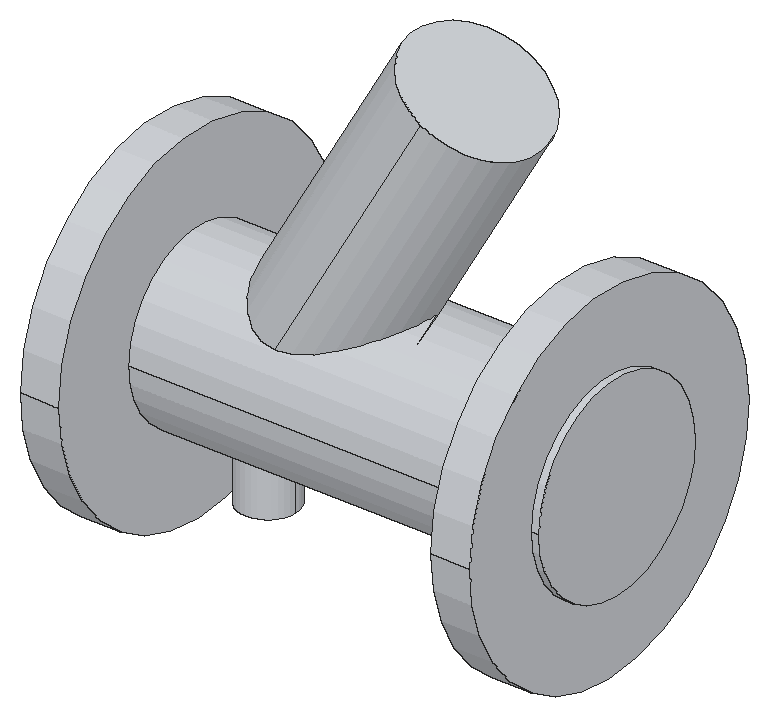
Revit family "HS 821-síto_standard-PN16-DN040-RFA_2018", category Pipe Accessories, Revit 2018
Family settings
  Round Connector Dimension = Use Diameter
  Part Type = Breaks Into
  Work Plane-Based = No
  Always vertical = Yes
  Cut with Voids When Loaded = No
  Shared = No
Parameters (values of type "821A-DN040-PN16-síto_standard")
  magiProductId = "d106917c74724141a10440112d0102"
  magiProductFamilyId = "79214ac3aaa945e397802f559f5c1e"
  magiPartTypeId = 307
  isMeasuringValve [instance] = no
  ang2D [instance] = 0.00°
  ZB__ve = -ZB  # -24.5 mm
  ZB1 = 34.02 mm
  ZB = 24.5 mm
  X2 = 75.777 mm
  X1 = 28 mm
  W2D = 15 mm
  VersionID = "2.0/2017.9.26.1/ZETKAMA_821_001"
  Use Minimum Symbol Size [instance] = yes
  URL = "www.hydronix.cz"
  Type Comments = "Filtr přírubový; síto standardní; A-PN16 (-10~300°C); D-PN25 (-10~350°C); F-PN40 (-10~400°C)"
  S = 84 mm
  QmdConnectorList = "301;D;302;D"
  Productdata [instance] = ""
  Manufacturer = "Hydronix"
  MC Product Code = "200 140 (821A; DN040; PN16; kvs37,7; oko síta 1,00mm)"
  LM1 = 16 mm
  LM = 160 mm
  L4 = 50 mm
  L2D_Min = 3048 mm
  L2D = 130 mm
  L2 = 100 mm
  HH2 = 131.25 mm
  FD = 150 mm
  Description = "Filtr přírubový; síto standardní; 821A-PN16; 821D-PN25; 821F-PN40"
  DM1 = 60 mm
  DM = 75.6 mm
  D = 40 mm
  CC = 3.4 mm
  CAT0 = yes
  C1 = 16.6 mm
  C = 20 mm
  BD = 23.814 mm
Types (40, lengths in mm): name | magiProductId | ZB__ve | ZB1 | ZB | X2 | X1 | S | MC Product Code | LM1 | LM | L4 | L2 | HH2 | FD | DM1 | DM | D | CC | C1 | C | BD
  821A-DN015-PN16-síto_standard | "a71bcfe8b393460598b23e8ddf7dc5" | -16.25 | 18.63 | 16.25 | 46.982 | 18.2 | 46 | "200 115 (821A; DN015; PN16; kvs6,3; oko síta 1,00mm)" | 10.4 | 104 | 32.5 | 65 | 81.375 | 95 | 27.6 | 41.4 | 15 | 2.21 | 10.79 | 13 | 13.041
  821A-DN020-PN16-síto_standard | "41cd6c7a12924f4991217528336076" | -17.75 | 22.68 | 17.75 | 51.673 | 21 | 56 | "200 120 (821A; DN020; PN16; kvs11,2; oko síta 1,00mm)" | 12 | 120 | 37.5 | 75 | 89.5 | 105 | 33.6 | 50.4 | 20 | 2.55 | 12.45 | 15 | 15.876
  821A-DN025-PN16-síto_standard | "be378b463ed14c3abf4c9b3ae8cf3a" | -19.25 | 26.325 | 19.25 | 58.601 | 22.4 | 65 | "200 125 (821A; DN025; PN16; kvs14,7; oko síta 1,00mm)" | 12.8 | 128 | 40 | 80 | 101.5 | 115 | 43.2 | 58.5 | 25 | 2.72 | 13.28 | 16 | 18.427
  821A-DN032-PN16-síto_standard | "227a0d18b21540afabe8b6067d35fa" | -23 | 30.78 | 23 | 68.849 | 25.2 | 76 | "200 132 (821A; DN032; PN16; kvs23,7; oko síta 1,00mm)" | 14.4 | 144 | 45 | 90 | 119.25 | 140 | 50.4 | 68.4 | 32 | 3.06 | 14.94 | 18 | 21.546
  821A-DN040-PN16-síto_standard | "d106917c74724141a10440112d0102" | -24.5 | 34.02 | 24.5 | 75.777 | 28 | 84 | "200 140 (821A; DN040; PN16; kvs37,7; oko síta 1,00mm)" | 16 | 160 | 50 | 100 | 131.25 | 150 | 60 | 75.6 | 40 | 3.4 | 16.6 | 20 | 23.814
  821A-DN050-PN16-síto_standard | "8255d456a09e4f6486734f5dd9171b" | -26.75 | 40.095 | 26.75 | 79.061 | 32.2 | 99 | "200 150 (821A; DN050 PN16; kvs57,9; oko síta 1,00mm)" | 18.4 | 184 | 57.5 | 115 | 136.938 | 165 | 73.8 | 89.1 | 50 | 3.91 | 19.09 | 23 | 28.066
  821A-DN065-PN16-síto_standard | "235b1b3e4c0843779a4d5e3716d40a" | -29.75 | 47.79 | 29.75 | 86.927 | 40.6 | 118 | "200 165 (821A; DN065; PN16; kvs101,5; oko síta 1,25mm)" | 23.2 | 232 | 72.5 | 145 | 150.562 | 185 | 94.2 | 106.2 | 65 | 4.93 | 24.07 | 29 | 33.453
  821A-DN080-PN16-síto_standard | "a067f7c5236348ed8c820d16df7214" | -32 | 53.46 | 32 | 104.753 | 43.4 | 132 | "200 180 (821A; DN080; PN16; kvs147,4; oko síta 1,25mm)" | 24.8 | 248 | 77.5 | 155 | 181.438 | 200 | 107.4 | 118.8 | 80 | 5.27 | 25.73 | 31 | 37.422
  821A-DN100-PN16-síto_standard | "c49a648c2747461285837d643703cd" | -35 | 63.18 | 35 | 114.857 | 49 | 156 | "200 190 (821A; DN100; PN16; kvs209,6; oko síta 1,60mm)" | 28 | 280 | 87.5 | 175 | 198.937 | 220 | 131.4 | 140.4 | 100 | 5.95 | 29.05 | 35 | 44.226
  821A-DN125-PN16-síto_standard | "bf68e728a163493cbd2a663b26ebdc" | -39.5 | 74.52 | 39.5 | 131.888 | 56 | 184 | "200 191 (821A; DN125; PN16; kvs326,2; oko síta 1,60mm)" | 32 | 320 | 100 | 200 | 228.438 | 250 | 165 | 165.6 | 125 | 6.8 | 33.2 | 40 | 52.164
  821A-DN150-PN16-síto_standard | "2de770284b654863ae6bc865769dc5" | -44.75 | 85.455 | 44.75 | 155.885 | 67.2 | 211 | "200 192 (821A; DN150; PN16; kvs403; oko síta 1,60mm)" | 38.4 | 384 | 120 | 240 | 270 | 285 | 192 | 189.9 | 150 | 8.16 | 39.84 | 48 | 59.818
  821A-DN200-PN16-síto_standard | "8e5693371ab64aabb29a7f08c76e15" | -53 | 107.73 | 53 | 188.361 | 84 | 266 | "200 193 (821A; DN200; PN16; kvs707; oko síta 1,60mm)" | 48 | 480 | 150 | 300 | 326.25 | 340 | 252 | 239.4 | 200 | 10.2 | 49.8 | 60 | 75.411
  821A-DN250-PN16-síto_standard | "05e37ed948c34047acdd4c42556504" | -62.75 | 129.195 | 62.75 | 255.911 | 102.2 | 319 | "200 194 (821A; DN250; PN16; kvs1234; oko síta 1,60mm)" | 58.4 | 584 | 182.5 | 365 | 443.25 | 405 | 309.6 | 287.1 | 250 | 12.41 | 60.59 | 73 | 90.436
  821A-DN300-PN16-síto_standard | "9ad0af747269428da925480d83ce80" | -71 | 149.85 | 71 | 325.914 | 119 | 370 | "200 195 (821A; DN300; PN16; kvs1916; oko síta 1,60mm)" | 68 | 680 | 212.5 | 425 | 564.5 | 460 | 369.6 | 333 | 300 | 14.45 | 70.55 | 85 | 104.895
  821A-DN350-PN16-síto_standard | "eebc71459bb3451bb4355e7951370a" | -80 | 173.745 | 80 | 356.875 | 137.2 | 429 | "200 196 (821A; DN350; PN16; kvs2621; oko síta 1,60mm)" | 78.4 | 784 | 245 | 490 | 618.125 | 520 | 438 | 386.1 | 350 | 16.66 | 81.34 | 98 | 121.621
  821A-DN400-PN16-síto_standard | "d2f677cb196647e385b2590e7d8abe" | -89 | 194.4 | 89 | 392.237 | 154 | 480 | "200 197 (821A; DN400; PN16; kvs3460; oko síta 1,60mm)" | 88 | 880 | 275 | 550 | 679.375 | 580 | 498 | 432 | 400 | 18.7 | 91.3 | 110 | 136.08
  821D-DN015-PN25-síto_standard | "27ddcbf555414f8ca1fde329bf9087" | -16.25 | 18.63 | 16.25 | 46.982 | 18.2 | 46 | "200 215 (821D; DN015; PN25; kvs6,3; oko síta 1,00mm)" | 10.4 | 104 | 32.5 | 65 | 81.375 | 95 | 27.6 | 41.4 | 15 | 2.21 | 10.79 | 13 | 13.041
  821D-DN020-PN25-síto_standard | "270e0f14012f47189cd0235c18faee" | -17.75 | 22.68 | 17.75 | 51.673 | 21 | 56 | "200 220 (821D; DN020; PN25; kvs11,2; oko síta 1,00mm)" | 12 | 120 | 37.5 | 75 | 89.5 | 105 | 33.6 | 50.4 | 20 | 2.55 | 12.45 | 15 | 15.876
  821D-DN025-PN25-síto_standard | "b9a7fb4aa36643878c637d8e1ab992" | -19.25 | 26.325 | 19.25 | 58.601 | 22.4 | 65 | "200 225 (821D; DN025; PN25; kvs14,7; oko síta 1,00mm)" | 12.8 | 128 | 40 | 80 | 101.5 | 115 | 43.2 | 58.5 | 25 | 2.72 | 13.28 | 16 | 18.427
  821D-DN032-PN25-síto_standard | "6be9a55c4e68400f94eec7e804204c" | -23 | 30.78 | 23 | 68.849 | 25.2 | 76 | "200 232 (821D; DN032; PN25; kvs23,7; oko síta 1,00mm)" | 14.4 | 144 | 45 | 90 | 119.25 | 140 | 50.4 | 68.4 | 32 | 3.06 | 14.94 | 18 | 21.546
  821D-DN040-PN25-síto_standard | "c54511bd7f584ec2984291479612cb" | -24.5 | 34.02 | 24.5 | 75.777 | 28 | 84 | "200 240 (821D; DN040; PN25; kvs37,7; oko síta 1,00mm)" | 16 | 160 | 50 | 100 | 131.25 | 150 | 60 | 75.6 | 40 | 3.4 | 16.6 | 20 | 23.814
  821D-DN050-PN25-síto_standard | "5483b1f596b04cd39b23a14a22c90e" | -26.75 | 40.095 | 26.75 | 79.061 | 32.2 | 99 | "200 250 (821D; DN050; PN25; kvs57,9; oko síta 1,00mm)" | 18.4 | 184 | 57.5 | 115 | 136.938 | 165 | 73.8 | 89.1 | 50 | 3.91 | 19.09 | 23 | 28.066
  821D-DN065-PN25-síto_standard | "767b0f8318e94750bc7a9930ed5b30" | -29.75 | 47.79 | 29.75 | 86.927 | 40.6 | 118 | "200 265 (821D; DN065; PN25; kvs101,5; oko síta 1,25mm)" | 23.2 | 232 | 72.5 | 145 | 150.562 | 185 | 94.2 | 106.2 | 65 | 4.93 | 24.07 | 29 | 33.453
  821D-DN080-PN25-síto_standard | "e21040fa3cc2404b858198f6b73709" | -32 | 53.46 | 32 | 104.753 | 43.4 | 132 | "200 280 (821D; DN080; PN25; kvs147,4; oko síta 1,25mm)" | 24.8 | 248 | 77.5 | 155 | 181.438 | 200 | 107.4 | 118.8 | 80 | 5.27 | 25.73 | 31 | 37.422
  821D-DN100-PN25-síto_standard | "175ca87a506b40b3bc6b82f12f33cf" | -37.25 | 63.18 | 37.25 | 114.857 | 49 | 156 | "200 290 (821D; DN100; PN25; kvs209,6; oko síta 1,60mm)" | 28 | 280 | 87.5 | 175 | 198.937 | 235 | 131.4 | 140.4 | 100 | 5.95 | 29.05 | 35 | 44.226
  821D-DN125-PN25-síto_standard | "77cc98d60da24855999a22dff726b2" | -42.5 | 74.52 | 42.5 | 131.888 | 56 | 184 | "200 291 (821D; DN125; PN25; kvs326,2; oko síta 1,60mm)" | 32 | 320 | 100 | 200 | 228.438 | 270 | 165 | 165.6 | 125 | 6.8 | 33.2 | 40 | 52.164
  821D-DN150-PN25-síto_standard | "9cf8acfcd15547d68e83172d3abcbe" | -47 | 85.455 | 47 | 155.885 | 67.2 | 211 | "200 292 (821D; DN150; PN25; kvs403; oko síta 1,60mm)" | 38.4 | 384 | 120 | 240 | 270 | 300 | 192 | 189.9 | 150 | 8.16 | 39.84 | 48 | 59.818
  821D-DN200-PN25-síto_standard | "16973f3c9ea14389ba8602495a6b64" | -56 | 110.97 | 56 | 188.361 | 84 | 274 | "200 293 (821D; DN200; PN25; kvs707; oko síta 1,60mm)" | 48 | 480 | 150 | 300 | 326.25 | 360 | 252 | 246.6 | 200 | 10.2 | 49.8 | 60 | 77.679
  821F-DN015-PN40-síto_standard | "4c7eaf3c4c0340888b3e684d8a8616" | -16.25 | 18.225 | 16.25 | 46.982 | 18.2 | 45 | "240 615 (821F; DN015; PN40; kvs6,3; oko síta 1,00mm)" | 10.4 | 104 | 32.5 | 65 | 81.375 | 95 | 27.6 | 40.5 | 15 | 2.21 | 10.79 | 13 | 12.757
  821F-DN020-PN40-síto_standard | "aaac5f1ec96b44d6ba96ac2293d66d" | -17.75 | 23.49 | 17.75 | 51.673 | 21 | 58 | "240 620 (821F; DN020; PN40; kvs11,2; oko síta 1,00mm)" | 12 | 120 | 37.5 | 75 | 89.5 | 105 | 33.6 | 52.2 | 20 | 2.55 | 12.45 | 15 | 16.443
  821F-DN025-PN40-síto_standard | "504768023968471481789485b54c7e" | -19.25 | 27.54 | 19.25 | 58.601 | 22.4 | 68 | "240 625 (821F; DN025; PN40; kvs14,7; oko síta 1,00mm)" | 12.8 | 128 | 40 | 80 | 101.5 | 115 | 43.2 | 61.2 | 25 | 2.72 | 13.28 | 16 | 19.278
  821F-DN032-PN40-síto_standard | "165e7f39cf744f329bdf1c400dad12" | -23 | 31.59 | 23 | 68.849 | 25.2 | 78 | "240 632 (821F; DN032; PN40; kvs23,7; oko síta 1,00mm)" | 14.4 | 144 | 45 | 90 | 119.25 | 140 | 50.4 | 70.2 | 32 | 3.06 | 14.94 | 18 | 22.113
  821F-DN040-PN40-síto_standard | "b8903f952089408fbf3a5a632bab1f" | -24.5 | 35.64 | 24.5 | 75.777 | 28 | 88 | "240 640 (821F; DN040; PN40; kvs37,7; oko síta 1,00mm)" | 16 | 160 | 50 | 100 | 131.25 | 150 | 60 | 79.2 | 40 | 3.4 | 16.6 | 20 | 24.948
  821F-DN050-PN40-síto_standard | "c451f97266fe48da8f879cb6a2bd44" | -26.75 | 41.31 | 26.75 | 79.061 | 32.2 | 102 | "240 650 (821F; DN050; PN40; kvs57,9; oko síta 1,00mm)" | 18.4 | 184 | 57.5 | 115 | 136.938 | 165 | 73.8 | 91.8 | 50 | 3.91 | 19.09 | 23 | 28.917
  821F-DN065-PN40-síto_standard | "dc9821e3f9b34e128f6a8c6b34c198" | -29.75 | 49.41 | 29.75 | 86.927 | 40.6 | 122 | "240 665 (821F; DN065; PN40; kvs101,5; oko síta 1,25mm)" | 23.2 | 232 | 72.5 | 145 | 150.562 | 185 | 94.2 | 109.8 | 65 | 4.93 | 24.07 | 29 | 34.587
  821F-DN080-PN40-síto_standard | "689aa1e260f84cf4994f027a1d86b5" | -32 | 55.89 | 32 | 104.753 | 43.4 | 138 | "240 680 (821F; DN080; PN40; kvs147,4; oko síta 1,25mm)" | 24.8 | 248 | 77.5 | 155 | 181.438 | 200 | 107.4 | 124.2 | 80 | 5.27 | 25.73 | 31 | 39.123
  821F-DN100-PN40-síto_standard | "8a45d4e8e2ab425f8c432f21d684f3" | -37.25 | 65.61 | 37.25 | 114.857 | 49 | 162 | "240 690 (821F; DN100; PN40; kvs209,6; oko síta 1,6mm)" | 28 | 280 | 87.5 | 175 | 198.937 | 235 | 131.4 | 145.8 | 100 | 5.95 | 29.05 | 35 | 45.927
  821F-DN125-PN40-síto_standard | "cf073904c006406b8645afa67ea2fc" | -42.5 | 76.14 | 42.5 | 131.888 | 56 | 188 | "240 691 (821F; DN125; PN40; kvs326,2; oko síta 1,6mm)" | 32 | 320 | 100 | 200 | 228.438 | 270 | 165 | 169.2 | 125 | 6.8 | 33.2 | 40 | 53.298
  821F-DN150-PN40-síto_standard | "0153b9ddabe14992a630484929fdbc" | -47 | 88.29 | 47 | 155.885 | 67.2 | 218 | "240 692 (821F; DN150; PN40; kvs403; oko síta 1,6mm)" | 38.4 | 384 | 120 | 240 | 270 | 300 | 192 | 196.2 | 150 | 8.16 | 39.84 | 48 | 61.803
  821F-DN200-PN40-síto_standard | "7fb3fc01dd8d42428c203e3f8dd4d5" | -56 | 115.425 | 56 | 188.361 | 84 | 285 | "240 693 (821F; DN200; PN40; kvs707; oko síta 1,6mm)" | 48 | 480 | 150 | 300 | 326.25 | 360 | 252 | 256.5 | 200 | 10.2 | 49.8 | 60 | 80.797
Reference planes
  plane 1 "Center (Front/Back)": y = 0
  plane 2 "XYPLANE": z = 0
  plane 3 "Center (Left/Right)": x = 0
  plane 4 "109": x = -64
  plane 5 "108": x = 80
  plane 6 "107": x = -80
  plane 7 "105": x = 100
  plane 8 "104": x = -100
  plane 9 "103": y = 0
  plane 10 "102": z = 0
  plane 11 "101": x = -96.6
  plane 12 "100": x = 96.6
  plane 13 "11": x = -36
  plane 14 "10": z = 131.25
  plane 15 "9": x = 39.777
  plane 16 "5": z = -34.02
  plane 17 "4": x = -50
  plane 18 "1": x = 50
Forms (mm)
  Extrusion 1, solid, visible <- "CAT0"
    sketch origin (-80, -750, 0) x (0, 1, 0) y (0, 0, 1)
      loop
        circle (750, 0) r 37.8
    from 0 to 160 <- "LM"
  Extrusion 2, solid
    sketch origin (-100, -750, 0) x (0, 1, 0) y (0, 0, 1)
      loop
        circle (750, 0) r 42
    from 0 to 3.4 <- "CC"
  Extrusion 3, solid
    sketch origin (-96.6, -750, 0) x (0, 1, 0) y (0, 0, 1)
      loop
        circle (750, 0) r 75
    from 0 to 16.6 <- "C1"
  Extrusion 4, solid
    sketch origin (80, -750, 0) x (0, 1, 0) y (0, 0, 1)
      loop
        circle (750, 0) r 75
    from 0 to 16.6 <- "C1"
  Extrusion 5, solid
    sketch origin (96.6, -750, 0) x (0, 1, 0) y (0, 0, 1)
      loop
        circle (750, 0) r 42
    from 0 to 3.4 <- "CC"
  Sweep 6, solid, visible <- "CAT0"
    path origin (750, 0, 0) x (-1, 0, 0) y (0, 0, 1)
      loop
        line (830, 0) -> (786, 0) -> (710.223, 131.25)
    profile origin (-80, 0, 0) x (0, 0, -1) y (0, 1, 0)
      loop
        circle (0, 0) r 30
  Extrusion 7, solid, visible <- "CAT0"
    sketch origin (-750, 0, -34.02) x (1, 0, 0) y (0, 1, 0)
      loop
        circle (700, 0) r 11.907
    from 0 to -24.5 <- "ZB__ve"
  Extrusion 8, solid, visible <- "CAT0"
    sketch origin (-750, 0, -34.02) x (1, 0, 0) y (0, 1, 0)
      loop
        circle (800, 0) r 11.907
    from 0 to -24.5 <- "ZB__ve"
  Extrusion 9, solid, not visible
    sketch origin (100, -750, 0) x (0, 1, 0) y (0, 0, 1)
      loop
        circle (750, 0) r 10
    from 0 to -10
  Extrusion 10, solid, not visible
    sketch origin (-100, -750, 0) x (0, 1, 0) y (0, 0, 1)
      loop
        circle (750, 0) r 10
    from 0 to 10
Lines and regions (mm)
  reference lines, not visible
    curve 1: circle (2, 2, 0) r 1 normal (0, 0, 1)
Dimensions and locks
  plane 1 "Center (Front/Back)" to curve 1 = 2 mm
  "LM1": plane 6 "107" to plane 4 "109"
  "LM": plane 6 "107" to plane 5 "108"
  "C": plane 8 "104" to plane 6 "107"
  "L2": plane 3 "Center (Left/Right)" to plane 7 "105"
  "L2": plane 3 "Center (Left/Right)" to plane 8 "104"
  locked: plane 1 "Center (Front/Back)" to plane 9 "103"
  locked: plane 2 "XYPLANE" to plane 10 "102"
  "CC": plane 8 "104" to plane 11 "101"
  "C1": plane 5 "108" to plane 12 "100"
  "X1": plane 4 "109" to plane 13 "11"
  "HH2": plane 2 "XYPLANE" to plane 14 "10"
  "X2": plane 13 "11" to plane 15 "9"
  "ZB1": plane 2 "XYPLANE" to plane 16 "5"
  "L4": plane 8 "104" to plane 17 "4"
  "L2": plane 17 "4" to plane 18 "1"
  Sweep 6 sketch curve to Sweep 6 sketch curve = 0 mm  (x2)
  "DM": diameter of Extrusion 1 sketch curve
  "S": diameter of Extrusion 2 sketch curve
  "FD": diameter of Extrusion 3 sketch curve
  "FD": diameter of Extrusion 4 sketch curve
  "S": diameter of Extrusion 5 sketch curve
  "DM1": diameter of Sweep 6 sketch curve
  "BD": diameter of Extrusion 7 sketch curve
  "BD": diameter of Extrusion 8 sketch curve
  aligned and locked: level to plane 2 "XYPLANE"
  aligned and locked: Extrusion 1 sketch curve to plane 9 "103"
  aligned and locked: plane 10 "102" to Extrusion 1 sketch curve
  aligned and locked: Extrusion 2 sketch curve to plane 9 "103"
  aligned and locked: plane 10 "102" to Extrusion 2 sketch curve
  aligned and locked: Extrusion 3 sketch curve to plane 9 "103"
  aligned and locked: plane 10 "102" to Extrusion 3 sketch curve
  aligned and locked: Extrusion 4 sketch curve to plane 9 "103"
  aligned and locked: plane 10 "102" to Extrusion 4 sketch curve
  aligned and locked: Extrusion 5 sketch curve to plane 9 "103"
  aligned and locked: plane 10 "102" to Extrusion 5 sketch curve
  aligned and locked: Sweep 6 sketch curve to plane 9 "103"
  aligned and locked: plane 10 "102" to Sweep 6 sketch curve  (x3)
  aligned and locked: plane 6 "107" to Sweep 6 sketch curve
  aligned and locked: plane 13 "11" to Sweep 6 sketch curve
  aligned and locked: plane 14 "10" to Sweep 6 sketch curve
  aligned and locked: plane 15 "9" to Sweep 6 sketch curve
  aligned and locked: plane 9 "103" to Extrusion 7 sketch curve
  aligned and locked: plane 17 "4" to Extrusion 7 sketch curve
  aligned and locked: plane 9 "103" to Extrusion 8 sketch curve
  aligned and locked: plane 18 "1" to Extrusion 8 sketch curve
  aligned and locked: Extrusion 9 sketch curve to plane 9 "103"
  aligned and locked: plane 10 "102" to Extrusion 9 sketch curve
  aligned and locked: Extrusion 10 sketch curve to plane 9 "103"
  aligned and locked: plane 10 "102" to Extrusion 10 sketch curve
Automatic sketch dimensions
  plane 1 "Center (Front/Back)" to Extrusion 9 sketch curve = 10 mm
  plane 1 "Center (Front/Back)" to Extrusion 10 sketch curve = 10 mm
  plane 3 "Center (Left/Right)" to curve 1 = 2 mm
  radius of curve 1 = 1 mm
Connectors
  piping at (-100, 0, 0), diameter 40, driven by "D"
    settings: on Extrusion 10, index 1, connector inside diameter 609.6 mm, connector length 0 mm, flow factor 0, pipe flow 0.0 L/s, pressure drop 0.0 Pa, fitting loss kfactor 0, connector angle 0.00°, fixture units 0, engagement length 0 mm, angle of deflection 0.00°, flow configuration 0, flow direction 0, fitting loss method 0, system type 29, joint type 0, gender type 0, connector reference index 2, connector utility 0, adjustable connector no, is connector primary yes, connector description ""
  piping at (100, 0, 0), diameter 40, driven by "D"
    settings: on Extrusion 9, index 2, connector inside diameter 609.6 mm, connector length 0 mm, flow factor 0, pipe flow 0.0 L/s, pressure drop 0.0 Pa, fitting loss kfactor 0, connector angle 0.00°, fixture units 0, engagement length 0 mm, angle of deflection 0.00°, flow configuration 0, flow direction 0, fitting loss method 0, system type 29, joint type 0, gender type 0, connector reference index 1, connector utility 0, adjustable connector no, is connector primary no, connector description ""
